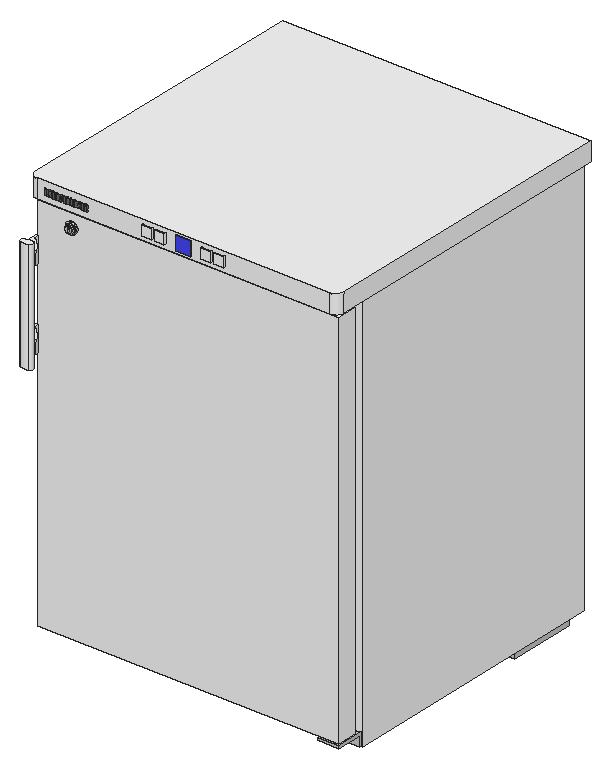
Revit family "QF_LIEBHERR_GGU 1500.191129010205", category Specialty Equipment, Revit 2016
Family settings
  Part Type = Normal
  Round Connector Dimension = Use Diameter
  OmniClass Number = 23.40.40.14
  OmniClass Title = Food Service Equipment
  Work Plane-Based = No
  Always vertical = Yes
  Cut with Voids When Loaded = No
  Shared = No
  Room Calculation Point = No
Parameters (values of type "GGU 1500_230V/1Ph/50Hz")
  URL catalogue = ""
  URL = "home.liebherr.com"
  Type de Raccord Electrique [instance] = ""
  Type article [instance] = ""
  Tension = 230 V
  Status [instance] = ""
  Spécification technique = ""
  Spécification du Fabricant [instance] = ""
  Spécification de l'Utilisateur [instance] = ""
  SMACNA No spécifique pour les matériaux  Etats Unis = ""
  Quantité par lot [instance] = no
  Puissance électrique  = 600 W
  Puissance en CV = ""
  Puissance Apparente = 600 VA
  Protection de l'Appareil = 0 A
  Profondeur hors tout = 615 mm
  Poids net à vide = 40.00 kg
  Phase = 1
  Numéro de Série = ""
  Nombres de Pôles = 2
  Nombre d'identification NAFEM = ""
  Model = "GGU 1500"
  Manufacturer = "LIEBHERR"
  Longueur hors tout = 600 mm
  Intensité nominale courant electrique = 0.6 A
  Installé Par [instance] = ""
  Identifiant Equipement [instance] = no
  Hauteur hors tout = 815 mm
  Hauteur de Raccordement du Sol Finis [instance] = 50 mm
  Hauteur de Raccordement du Sol Brut [instance] = 0 mm
  Fréquence = 50 Hz
  Fournis Par [instance] = ""
  Description = "TABLEHEIGHT FREEZER GGU 1500, -9/-26°C, WHITE EXTERIOR PS INTERIOR, 133 L NET"
  Câble de connexion à l'appareil inclus = no
  Cost = 0
  Consommation d'énergie minimale = 0 A
  Connexion prise électrique  = ""
  Code de Révision [instance] = ""
  Classification dans le projet = ""
  Classement sismique = ""
  Accessoires = no
Reference planes
  plane 1 "Centre (avant/arrière)": y = 0
  plane 2: z = 0
  plane 3 "Centre (gauche/droite)": x = 0
Forms (mm)
  Extrusion 1, solid, not visible
    sketch origin (419, -2, 64) x (1, 0, 0) y (0, 1, 0)
      loop
        line (0, 0) -> (2, 0) -> (2, 2) -> (0, 2) -> (0, 0)
    from 0 to 2
Dimensions and locks
  aligned and locked: level to plane 2
Nested families
  nested 1: "QF_LIEBHERR_GGU 1500_230V_1Ph_50Hz" at (0, 0, 15), type "GGU 1500_230V/1Ph/50Hz"
    with Show Logo yes, Show Clearance yes
  nested 2: "QF_LIEBHERR_FKUV1610_DOOR_RX" at (0, 0, 15), type "FKUV1610_DOOR_RX"
    with Show Logo yes, Show Clearance yes
  nested 3: "QF_LIEBHERR_FKUV_LEGS" at (0, 0, 0), type "FKUV_LEGS"
    with Show Logo yes, Show Clearance yes
Connectors
  electrical at (420, 0, 65), driven by "Puissance Apparente", driven by "Nombres de Pôles", driven by "Tension"
    settings: on Extrusion 1, index 1, voltage 230 V, apparent load 0 VA, apparent load phase1 600 VA, apparent load phase2 0 VA, apparent load phase3 0 VA, power factor 1, load classification "Other", number of poles 2, system type 31, power factor state 1, is connector primary yes, connector utility no, sub classification motor no, connector description "Electric connection for 'GGU 1500'"
Definition of nested family "QF_LIEBHERR_GGU 1500_230V_1Ph_50Hz"
  Parameters (values of type "GGU 1500_230V/1Ph/50Hz")
    URL = "home.liebherr.com"
    Show Logo [instance] = yes
    Show Clearance [instance] = yes
    Model = "GGU 1500"
    Manufacturer = "LIEBHERR"
    Description = "TABLEHEIGHT FREEZER GGU 1500, -9/-26°C, WHITE EXTERIOR PS INTERIOR, 133 L NET"
    Assembly Code = "E1090320"
  Types (3, lengths in mm): name | Model | Description
    FKUv 1610 | "FKUv 1610" | "TABLEHEIGHT FRIDGE FKUV 1610, +1/+15°C, WHITE EXTERIOR PS INTERIOR, 130 L NET"
    FKUv 1613 | "FKUv 1613" | "TABLEHEIGHT FRIDGE GLASS DOOR FKUV 1613, +1/+15°C, WHITE EXTERIOR PS INTERIOR, 130 L NET"
    GGU 1500_230V/1Ph/50Hz | "GGU 1500" | "TABLEHEIGHT FREEZER GGU 1500, -9/-26°C, WHITE EXTERIOR PS INTERIOR, 133 L NET"
  Reference planes
    plane 1 "Back": y = 0
    plane 2: z = 0
    plane 3 "Left": x = 0
    plane 4 "Right": x = 600
    plane 5 "Front": y = -615
    plane 6 "Top": z = 814.735
  Forms (mm)
    Extrusion 1, solid, visible <- "Show Logo"
      sketch origin (-279.177, -615, -1135.324) x (1, 0, 0) y (0, 0, 1)
        loop
          line (309.542, 1937.598) -> (309.542, 1926.598) -> (317.534, 1926.598) -> (317.534, 1929.598) -> (314.534, 1929.598) -> (314.534, 1937.598) -> (309.542, 1937.598)
        loop
          line (318.542, 1937.598) -> (318.542, 1926.598) -> (323.534, 1926.598) -> (323.534, 1937.598) -> (318.542, 1937.598)
        loop
          line (325.425, 1937.598) -> (325.425, 1926.598) -> (332.444, 1926.598) -> (332.444, 1929.098) -> (330.418, 1929.098) -> (330.418, 1931.098) -> (332.444, 1931.098) -> (332.444, 1933.098) -> (330.418, 1933.098) -> (330.418, 1935.098) -> (332.444, 1935.098) -> (332.444, 1937.598) -> (325.425, 1937.598)
        loop
          line (334.425, 1937.598) -> (334.425, 1926.598) -> (341.444, 1926.598)
          arc (341.444, 1926.598) -> (344.324, 1928.719) -> (343.152, 1932.098) r 3.015
          arc (343.152, 1932.098) -> (344.324, 1935.477) -> (341.444, 1937.598) r 3.015
          line (341.444, 1937.598) -> (334.425, 1937.598)
        loop
          line (340.389, 1935.098) -> (339.418, 1935.098) -> (339.418, 1933.098) -> (340.389, 1933.098)
          arc (340.389, 1933.098) -> (341.389, 1934.098) -> (340.389, 1935.098) r 1
        loop
          arc (340.456, 1929.098) -> (341.456, 1930.098) -> (340.456, 1931.098) r 1
          line (340.456, 1931.098) -> (339.418, 1931.098) -> (339.418, 1929.098) -> (340.456, 1929.098)
        loop
          line (346.398, 1937.598) -> (346.398, 1926.598) -> (351.391, 1926.598) -> (351.391, 1931.098) -> (353.417, 1931.098) -> (353.417, 1926.598) -> (358.41, 1926.598) -> (358.41, 1937.598) -> (353.417, 1937.598) -> (353.417, 1933.098) -> (351.391, 1933.098) -> (351.391, 1937.598) -> (346.398, 1937.598)
        loop
          line (359.811, 1937.598) -> (359.811, 1926.598) -> (366.83, 1926.598) -> (366.83, 1929.098) -> (364.803, 1929.098) -> (364.803, 1931.098) -> (366.83, 1931.098) -> (366.83, 1933.098) -> (364.803, 1933.098) -> (364.803, 1935.098) -> (366.83, 1935.098) -> (366.83, 1937.598) -> (359.811, 1937.598)
        loop
          line (368.822, 1937.598) -> (368.822, 1926.598) -> (373.814, 1926.598) -> (373.814, 1929.098) -> (374.887, 1926.598) -> (379.88, 1926.598) -> (378.318, 1930.237)
          arc (378.318, 1930.237) -> (379.724, 1934.807) -> (375.841, 1937.598) r 4.097
          line (375.841, 1937.598) -> (368.822, 1937.598)
        loop
          line (374.786, 1935.098) -> (373.814, 1935.098) -> (373.814, 1932.141) -> (374.786, 1932.141)
          arc (374.786, 1932.141) -> (376.264, 1933.619) -> (374.786, 1935.098) r 1.479
        loop
          line (381.56, 1937.598) -> (381.56, 1926.598) -> (386.553, 1926.598) -> (386.553, 1929.098) -> (387.626, 1926.598) -> (392.618, 1926.598) -> (391.057, 1930.237)
          arc (391.057, 1930.237) -> (392.463, 1934.807) -> (388.58, 1937.598) r 4.097
          line (388.58, 1937.598) -> (381.56, 1937.598)
        loop
          line (387.524, 1935.098) -> (386.553, 1935.098) -> (386.553, 1932.141) -> (387.524, 1932.141)
          arc (387.524, 1932.141) -> (389.003, 1933.619) -> (387.524, 1935.098) r 1.479
      from 0 to 2
    Extrusion 2, solid
      sketch origin (100, 0, 0) x (1, 0, 0) y (0, 0, 1)
        loop
          circle (450, 50) r 5
      from 0 to 12.972
    Extrusion 3, solid
      sketch origin (-46.444, -614, -1056.589) x (1, 0, 0) y (0, 0, 1)
        loop
          line (360.944, 1868.324) -> (331.944, 1868.324) -> (331.944, 1839.324) -> (360.944, 1839.324) -> (360.944, 1868.324)
      from 0 to 2
    Extrusion 4, solid
      sketch origin (0, 0, 0) x (1, 0, 0) y (0, 1, 0)
        loop
          line (600, 0) -> (0, 0) -> (0, -600.032)
          arc (0, -600.032) -> (4.384, -610.616) -> (14.968, -615) r 14.968
          line (14.968, -615) -> (585.032, -615)
          arc (585.032, -615) -> (595.616, -610.616) -> (600, -600.032) r 14.968
          line (600, -600.032) -> (600, 0)
      from 778.813 to 814.735
    Extrusion 5, solid
      sketch origin (0, 0, 0) x (1, 0, 0) y (0, 0, 1)
        loop
          line (2.145, 778.813) -> (2.145, 0) -> (597.855, 0) -> (597.855, 778.813) -> (2.145, 778.813)
        loop
          line (62.145, 718.813) -> (62.145, 60) -> (537.855, 60) -> (537.855, 718.813) -> (62.145, 718.813)
      from 12.972 to 551.306
    Extrusion 6, solid
      sketch origin (0, 0, 0) x (0, 1, 0) y (0, 0, 1)
        loop
          line (-12.972, 718.813) -> (-72.972, 718.813) -> (-72.972, 60) -> (-12.972, 60) -> (-12.972, 718.813)
      from 62.145 to 537.855
    Extrusion 7, solid
      sketch origin (-1.444, -615, -1056.589) x (1, 0, 0) y (0, 0, 1)
        loop
          line (355.944, 1863.324) -> (336.944, 1863.324) -> (336.944, 1844.324) -> (355.944, 1844.324) -> (355.944, 1863.324)
      from 0 to 3
    Extrusion 8, solid
      sketch origin (23.556, -615, -1056.589) x (1, 0, 0) y (0, 0, 1)
        loop
          line (355.944, 1863.324) -> (336.944, 1863.324) -> (336.944, 1844.324) -> (355.944, 1844.324) -> (355.944, 1863.324)
      from 0 to 3
    Extrusion 9, solid
      sketch origin (601.444, -615, -1056.589) x (-1, 0, 0) y (0, 0, -1)
        loop
          line (355.944, -1863.324) -> (355.944, -1844.324) -> (336.944, -1844.324) -> (336.944, -1863.324) -> (355.944, -1863.324)
      from 0 to 3
    Extrusion 10, solid
      sketch origin (576.444, -615, -1056.589) x (-1, 0, 0) y (0, 0, -1)
        loop
          line (355.944, -1863.324) -> (355.944, -1844.324) -> (336.944, -1844.324) -> (336.944, -1863.324) -> (355.944, -1863.324)
      from 0 to 3
    Extrusion 11, solid
      sketch origin (0, -550.306, 0) x (1, 0, 0) y (0, 0, 1)
        loop
          line (296.613, 17.937) -> (269.516, 17.937)
          arc (269.516, 17.937) -> (265, 13.421) -> (269.516, 8.905) r 4.516
          line (269.516, 8.905) -> (323.71, 8.905)
          arc (323.71, 8.905) -> (328.226, 13.421) -> (323.71, 17.937) r 4.516
          line (323.71, 17.937) -> (296.613, 17.937)
        loop
          line (368.871, 17.937) -> (341.774, 17.937)
          arc (341.774, 17.937) -> (337.258, 13.421) -> (341.774, 8.905) r 4.516
          line (341.774, 8.905) -> (395.968, 8.905)
          arc (395.968, 8.905) -> (400.484, 13.421) -> (395.968, 17.937) r 4.516
          line (395.968, 17.937) -> (368.871, 17.937)
        loop
          line (441.129, 17.937) -> (414.032, 17.937)
          arc (414.032, 17.937) -> (409.516, 13.421) -> (414.032, 8.905) r 4.516
          line (414.032, 8.905) -> (468.226, 8.905)
          arc (468.226, 8.905) -> (472.742, 13.421) -> (468.226, 17.937) r 4.516
          line (468.226, 17.937) -> (441.129, 17.937)
        loop
          line (513.387, 17.937) -> (486.29, 17.937)
          arc (486.29, 17.937) -> (481.774, 13.421) -> (486.29, 8.905) r 4.516
          line (486.29, 8.905) -> (540.484, 8.905)
          arc (540.484, 8.905) -> (545, 13.421) -> (540.484, 17.937) r 4.516
          line (540.484, 17.937) -> (513.387, 17.937)
        loop
          line (224.355, 17.937) -> (197.258, 17.937)
          arc (197.258, 17.937) -> (192.742, 13.421) -> (197.258, 8.905) r 4.516
          line (197.258, 8.905) -> (251.452, 8.905)
          arc (251.452, 8.905) -> (255.968, 13.421) -> (251.452, 17.937) r 4.516
          line (251.452, 17.937) -> (224.355, 17.937)
        loop
          line (152.097, 17.937) -> (125, 17.937)
          arc (125, 17.937) -> (120.484, 13.421) -> (125, 8.905) r 4.516
          line (125, 8.905) -> (179.194, 8.905)
          arc (179.194, 8.905) -> (183.71, 13.421) -> (179.194, 17.937) r 4.516
          line (179.194, 17.937) -> (152.097, 17.937)
        loop
          line (79.839, 17.937) -> (52.742, 17.937)
          arc (52.742, 17.937) -> (48.226, 13.421) -> (52.742, 8.905) r 4.516
          line (52.742, 8.905) -> (106.935, 8.905)
          arc (106.935, 8.905) -> (111.452, 13.421) -> (106.935, 17.937) r 4.516
          line (106.935, 17.937) -> (79.839, 17.937)
      from 0 to 2
  Cuts and joins
    joined: Extrusion 5, Extrusion 6
  Lines and regions (mm)
    symbolic lines
      curve 1: line (0, 0, 0) -> (600, 0, 0)
      curve 2: line (0, -600.032, 0) -> (0, 0, 0)
      curve 3: arc (0, -600.032, 0) -> (4.384, -610.616, 0) -> (14.968, -615, 0) r 14.968
      curve 4: arc (585.032, -615, 0) -> (595.616, -610.616, 0) -> (600, -600.032, 0) r 14.968
      curve 5: line (14.968, -615, 0) -> (585.032, -615, 0)
      curve 6: line (600, -600.032, 0) -> (600, 0, 0)
  Dimensions and locks
    plane 5 "Front" to plane 1 "Back" = 615 mm
    plane 3 "Left" to plane 4 "Right" = 600 mm
    plane 6 "Top" to level = 814.735 mm
    aligned and locked: level to plane 2
  Connectors
    electrical at (550, 0, 50)
      settings: on Extrusion 2, index 1, voltage 0 V, apparent load 0 VA, apparent load phase1 0 VA, apparent load phase2 0 VA, apparent load phase3 0 VA, power factor 1, load classification none, number of poles 1, system type 31, power factor state 1, is connector primary yes, connector utility no, sub classification motor no, connector description "Electrical connection"
Definition of nested family "QF_LIEBHERR_FKUV1610_DOOR_RX"
  Parameters (values of type "FKUV1610_DOOR_RX")
    URL catalogue [instance] = ""
    URL = "home.liebherr.com"
    Status [instance] = ""
    Spécification technique [instance] = ""
    Spécification du Fabricant [instance] = ""
    Spécification de l'Utilisateur [instance] = ""
    Show Logo [instance] = yes
    Show Clearance [instance] = yes
    SMACNA No spécifique pour les matériaux  Etats Unis [instance] = ""
    Quantité par lot [instance] = no
    Profondeur hors tout [instance] = 53 mm
    Poids net à vide [instance] = 0.00 kg
    Numéro de Série [instance] = ""
    Nombre d'identification NAFEM [instance] = ""
    Model = "FKUV1610_DOOR_RX"
    Manufacturer = "LIEBHERR"
    Longueur hors tout [instance] = 586 mm
    Installé Par [instance] = ""
    Identifiant Equipement [instance] = no
    Hauteur hors tout [instance] = 742 mm
    Fournis Par [instance] = ""
    Description = "DOOR WITH RIGHT OPENING"
    Cost = 0
    Code de Révision [instance] = ""
    Classification dans le projet [instance] = ""
    Classement sismique [instance] = ""
    Assembly Code = "E1090320"
    Accessoires [instance] = yes
  Reference planes
    plane 1 "Back": y = 0
    plane 2: z = 0
    plane 3 "Left": x = 0
    plane 4 "Right": x = 600
    plane 5 "Front": y = -615
    plane 6 "Top": z = 778.813
  Forms (mm)
    Extrusion 1, solid
      sketch origin (-150.212, 127.831, 0) x (0, 1, 0) y (0, 0, 1)
        loop
          line (-692.771, 769.233) -> (-732.932, 769.233) -> (-732.932, 26.842) -> (-692.771, 26.842) -> (-692.771, 769.233)
      from 157.247 to 743.976
    Extrusion 2, solid
      sketch origin (-124.188, 124.899, 0) x (0, 1, 0) y (0, 0, 1)
        loop
          line (-689.839, 754.233) -> (-689.839, 41.842) -> (-676.205, 41.842) -> (-676.205, 754.233) -> (-689.839, 754.233)
      from 146.223 to 697.952
    Extrusion 3, solid
      sketch origin (1.011, 124.899, -579.349) x (1, 0, 0) y (0, 1, 0)
        loop
          line (1.205, -704.339) -> (1.205, -746.243)
          arc (1.205, -746.243) -> (1.969, -750.085) -> (4.146, -753.342) r 10.04
          line (4.146, -753.342) -> (16.509, -765.705)
          arc (16.509, -765.705) -> (17.815, -767.66) -> (18.273, -769.965) r 6.024
          line (18.273, -769.965) -> (18.273, -775.008) -> (32.329, -775.008) -> (32.329, -765.806)
          arc (32.329, -765.806) -> (31.565, -761.964) -> (29.389, -758.707) r 10.04
          line (29.389, -758.707) -> (6.024, -735.342) -> (6.024, -704.339) -> (1.205, -704.339)
      from 1260.04 to 1285.141
    Extrusion 4, solid
      sketch origin (1.011, 124.899, -579.349) x (1, 0, 0) y (0, 1, 0)
        loop
          arc (17.07, -773.263) -> (13.318, -778.802) -> (17.07, -784.341) r 5.964
          arc (17.07, -784.341) -> (25.301, -785.924) -> (33.532, -784.341) r 22.195
          arc (33.532, -784.341) -> (37.285, -778.802) -> (33.532, -773.263) r 5.964
          arc (33.532, -773.263) -> (25.301, -771.681) -> (17.07, -773.263) r 22.195
      from 1085.843 to 1303.715
    Extrusion 5, solid
      sketch origin (1.011, 124.899, -734.972) x (1, 0, 0) y (0, 1, 0)
        loop
          line (1.205, -704.339) -> (1.205, -746.243)
          arc (1.205, -746.243) -> (1.969, -750.085) -> (4.146, -753.342) r 10.04
          line (4.146, -753.342) -> (16.509, -765.705)
          arc (16.509, -765.705) -> (17.815, -767.66) -> (18.273, -769.965) r 6.024
          line (18.273, -769.965) -> (18.273, -775.008) -> (32.329, -775.008) -> (32.329, -765.806)
          arc (32.329, -765.806) -> (31.565, -761.964) -> (29.389, -758.707) r 10.04
          line (29.389, -758.707) -> (6.024, -735.342) -> (6.024, -704.339) -> (1.205, -704.339)
      from 1260.04 to 1285.141
    Extrusion 6, solid
      sketch origin (-128.285, 128.192, 0) x (1, 0, 0) y (0, 1, 0)
        loop
          circle (709.086, -713.896) r 10
      from 23.449 to 26.842
    Extrusion 7, solid
      sketch origin (-128.285, 128.192, 726.563) x (1, 0, 0) y (0, 1, 0)
        loop
          circle (709.086, -713.896) r 10
      from 42.671 to 52.25
    Extrusion 8, solid, visible <- "Show Clearance", detail levels coarse
      sketch origin (-150.212, 124.899, 0) x (1, 0, 0) y (0, 1, 0)
        loop
          line (743.976, -730) -> (157.247, -730)
          arc (157.247, -730) -> (321.861, -1117.931) -> (703.976, -1295.628) r 587.072
          line (703.976, -1295.628) -> (743.976, -1295.628) -> (743.976, -730)
      from 26.842 to 769.233
    Extrusion 9, solid
      sketch origin (599.788, 124.899, -19.699) x (0, 1, 0) y (0, 0, -1)
        loop
          line (-676.205, -19.699) -> (-680.221, -19.699) -> (-680.221, -39.157) -> (-731.086, -39.157) -> (-731.086, -43.148) -> (-676.205, -43.148) -> (-676.205, -19.699)
      from 5.208 to 45.121
    Revolve 10, solid
      sketch origin (74.189, 124.899, -804.98) x (0, 1, 0) y (0, 0, -1)
        loop
          line (-740.04, -1549.699) -> (-740.04, -1554.63) -> (-738.032, -1555.634) -> (-737.032, -1555.634) -> (-737.032, -1556.723) -> (-735.02, -1558.735) -> (-734.018, -1558.735) -> (-732.01, -1560.743) -> (-730, -1560.743) -> (-730, -1549.699) -> (-740.04, -1549.699)
        axis (-730, -1549.699) -> (-740.04, -1549.699)
      angle from 0 to 360
  Lines and regions (mm)
    symbolic lines, visible <- "Show Clearance"
      curve 1: line (593.764, -1170.728, 0) -> (593.764, -612.19, 0)
      curve 2: line (553.764, -1170.728, 0) -> (553.764, -615, 0)
      curve 3: line (553.764, -1170.728, 0) -> (593.764, -1170.728, 0)
      curve 16: arc (7.355, -612.919, 0) -> (174.377, -995.835, 0) -> (553.764, -1170.728, 0) r 587.072
    symbolic lines
      curve 4: line (2.215, -607.869, 0) -> (2.215, -621.344, 0)
      curve 5: line (11.077, -614.486, 0) -> (30.399, -633.808, 0)
      curve 6: line (33.34, -647.923, 0) -> (33.34, -640.907, 0)
      curve 7: line (19.284, -647.923, 0) -> (19.284, -645.066, 0)
      curve 8: line (17.519, -640.806, 0) -> (5.156, -628.443, 0)
      curve 9: arc (2.215, -621.344, 0) -> (2.98, -625.186, 0) -> (5.156, -628.443, 0) r 10.04
      curve 10: arc (17.519, -640.806, 0) -> (18.825, -642.761, 0) -> (19.284, -645.066, 0) r 6.024
      curve 11: arc (33.34, -640.907, 0) -> (32.576, -637.065, 0) -> (30.399, -633.808, 0) r 10.04
      curve 12: arc (18.081, -648.364, 0) -> (14.328, -653.903, 0) -> (18.081, -659.442, 0) r 5.964
      curve 13: arc (18.081, -659.442, 0) -> (26.312, -661.024, 0) -> (34.543, -659.442, 0) r 22.195
      curve 14: arc (34.543, -659.442, 0) -> (38.295, -653.903, 0) -> (34.543, -648.364, 0) r 5.964
      curve 15: arc (34.543, -648.364, 0) -> (26.312, -646.781, 0) -> (18.081, -648.364, 0) r 22.195
  Dimensions and locks
    plane 5 "Front" to plane 1 "Back" = 615 mm
    plane 3 "Left" to plane 4 "Right" = 600 mm
    plane 6 "Top" to level = 778.813 mm
    aligned and locked: level to plane 2
Definition of nested family "QF_LIEBHERR_FKUV_LEGS"
  Parameters (values of type "FKUV_LEGS")
    URL catalogue [instance] = ""
    URL = "home.liebherr.com"
    Status [instance] = ""
    Spécification technique [instance] = ""
    Spécification du Fabricant [instance] = ""
    Spécification de l'Utilisateur [instance] = ""
    Show Logo [instance] = yes
    Show Clearance [instance] = yes
    SMACNA No spécifique pour les matériaux  Etats Unis [instance] = ""
    Quantité par lot [instance] = no
    Profondeur hors tout [instance] = 615 mm
    Poids net à vide [instance] = 0.00 kg
    Numéro de Série [instance] = ""
    Nombre d'identification NAFEM [instance] = ""
    Model = "FKUv_LEGS"
    Manufacturer = "LIEBHERR"
    Longueur hors tout [instance] = 600 mm
    Installé Par [instance] = ""
    Identifiant Equipement [instance] = no
    Hauteur hors tout [instance] = 15 mm
    Fournis Par [instance] = ""
    Description = "STANDARD LEGS"
    Cost = 0
    Code de Révision [instance] = ""
    Classification dans le projet [instance] = ""
    Classement sismique [instance] = ""
    Assembly Code = "E1090320"
    Accessoires [instance] = yes
  Reference planes
    plane 1 "Back": y = 0
    plane 2: z = 0
    plane 3 "Left": x = 0
    plane 4 "Right": x = 600
    plane 5 "Front": y = -615
    plane 6 "Top": z = 15
  Forms (mm)
    Revolve 1, solid
      sketch origin (0, -513.887, 0) x (1, 0, 0) y (0, 0, 1)
        loop
          line (29.436, 15) -> (29.436, 0) -> (38.417, 0)
          arc (38.417, 0) -> (39.828, 0.585) -> (40.412, 1.996) r 1.996
          line (40.412, 1.996) -> (40.412, 15) -> (29.436, 15)
        axis (29.436, 15) -> (29.436, 0)
      angle from 0 to 360
    Extrusion 2, solid
      sketch origin (0, 0, 0) x (0, 1, 0) y (0, 0, 1)
        loop
          line (-42.508, 15) -> (-174.588, 15) -> (-174.588, 0) -> (-42.508, 0) -> (-42.508, 15)
      from 3.991 to 23.991
    Revolve 3, solid
      sketch origin (595.709, -513.887, 0) x (-1, 0, 0) y (0, 0, -1)
        loop
          line (29.436, -15) -> (40.412, -15) -> (40.412, -1.996)
          arc (40.412, -1.996) -> (39.828, -0.585) -> (38.417, 0) r 1.996
          line (38.417, 0) -> (29.436, 0) -> (29.436, -15)
        axis (29.436, -15) -> (29.436, 0)
      angle from 0 to 360
    Extrusion 4, solid
      sketch origin (595.709, 0, 0) x (0, 1, 0) y (0, 0, -1)
        loop
          line (-42.508, -15) -> (-42.508, 0) -> (-174.588, 0) -> (-174.588, -15) -> (-42.508, -15)
      from 3.991 to 23.991
  Dimensions and locks
    plane 3 "Left" to plane 4 "Right" = 600 mm
    plane 5 "Front" to plane 1 "Back" = 615 mm
    plane 6 "Top" to level = 15 mm
    aligned and locked: level to plane 2
